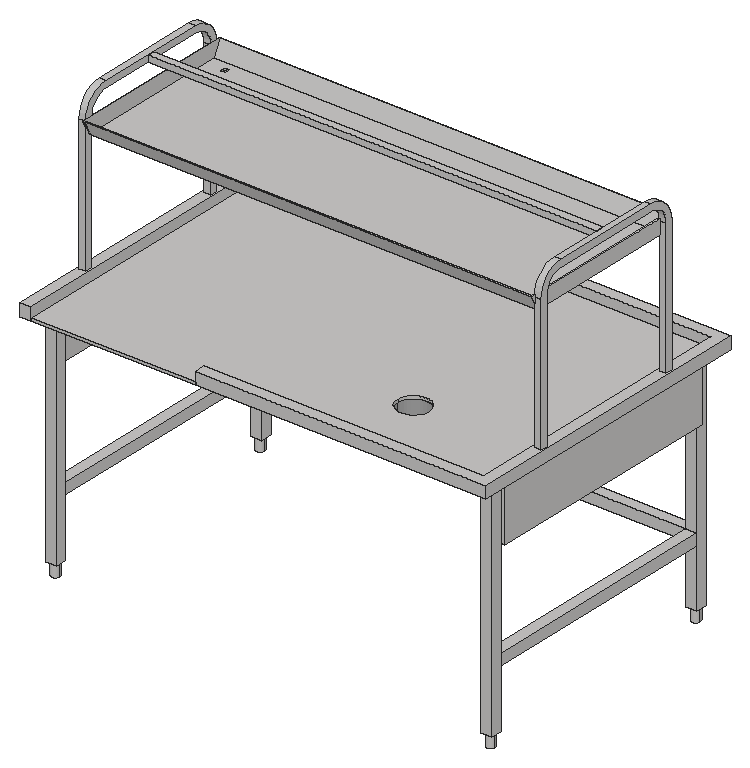
Revit family "QF_ZANUSSI_865342_BHST1711R", category Attrezzature speciali, Revit 2020
Family settings
  Quota connettore circolare = Usa diametro
  Tipo di parte = Normale
  Basato su piano di lavoro = No
  Sempre verticale = Sì
  Taglio con vuoti quando caricato = No
  Condiviso = No
  Punto di calcolo locali = No
Parameters (values of type "Standard")
  Weight = 15.00 kg
  Watts = 0 W
  Volts = 0 V
  URL Manufacturer = "http://www.zanussiprofessional.com"
  URL = "http://www.zanussiprofessional.com"
  Steam Supply Size = 0 mm
  Steam Supply Minimum Pressure = 0.0 Pa
  Steam Supply Maximum Pressure = 0.0 Pa
  Steam Consumption per Hour = 0
  Refrigeration Suction Line Size = 0 mm
  Refrigeration Liquid Line Size = 0 mm
  Refrigerant Compressor Remote = yes
  Prospetto di default = 0 mm
  Produttore = "Zanussi"
  Phase = 0
  Modello = "BHST1711R"
  Length Actual = 1700 mm  # constant formula
  Item Number = "865342"
  Hot Water Size = 0 mm
  Height Actual = 1551 mm  # constant formula
  HP = "0 HP"
  Gas Size = 0 mm
  Gas KW = 0
  Gas Input Pressure = 0 W
  Direct Waste Size = 0 mm
  Description = "SORTING TABLE, RIGHT>LEFT, 1700X1100 MM "
  Depth Actual = 1100 mm  # constant formula
  Cycle = 0 Hz
  Condensate Return Size = 0 mm
  Compressed Air Volume = 0.0 L/s
  Compressed Air Size = 0 mm
  Compressed Air Pressure = 0.0 Pa
  Cold Water Size = 0 mm
  Accessory = yes
Reference planes
  plane 1 "Centro (Fronte/Retro)": y = 0
  plane 2: z = 0
  plane 3 "Centro (Sinistra/Destra)": x = 0
  plane 4: x = 850
  plane 5: z = 1492
  plane 6: x = 20
  plane 7: y = -557.5
  plane 8: x = 56
  plane 9: x = 944
  plane 10: x = 1700
  plane 11: x = 1644
  plane 12: y = -1115
  plane 13: y = -88
  plane 14: y = -1023
Forms (mm)
  Extrusion 1, solid, material "QF_Finishes_Stainless Steel"
    sketch origin (0, 0, 865) x (1, 0, 0) y (0, 1, 0)
      loop
        line (40, -1115) -> (640, -1115) -> (640, -1075) -> (1660, -1075) -> (1660, -40) -> (40, -40) -> (40, -1115)
    from 0 to 10
  Extrusion 2, solid, material "QF_Finishes_Stainless Steel"
    sketch origin (0, 0, 865) x (1, 0, 0) y (0, 1, 0)
      loop
        line (0, 0) -> (0, -1115) -> (40, -1115) -> (40, -40) -> (1660, -40) -> (1660, -1075) -> (640, -1075) -> (640, -1115) -> (1700, -1115) -> (1700, 0) -> (0, 0)
    from 0 to 45
  Extrusion 3, solid, material "QF_Finishes_Stainless Steel"
    sketch origin (36, -178, 0) x (0, 1, 0) y (0, 0, 1)
      loop
        line (70, 299.579) -> (-825, 299.579) -> (-825, 259.579) -> (70, 259.579) -> (70, 299.579)
    from 0 to 40
  Extrusion 4, solid, material "QF_Finishes_Stainless Steel"
    sketch origin (0, -178, -12) x (0, 1, 0) y (0, 0, 1)
      loop
        line (-367.5, 1504) -> (-391.5, 1504) -> (-391.5, 1480) -> (-367.5, 1480) -> (-367.5, 1504)
    from 32 to 1668
  Extrusion 5, void
    sketch origin (32, -178, -6.687) x (0, 1, 0) y (0, 0, 1)
      loop
        line (-56.629, 1444.891) -> (-702.371, 1444.891) -> (-663.034, 1360.532) -> (-95.966, 1360.532) -> (-56.629, 1444.891)
    from 3.287 to 1634
  Extrusion 6, solid, material "QF_Finishes_Stainless Steel"
    sketch origin (32, -178, -12) x (0, 1, 0) y (0, 0, 1)
      loop
        line (-70.92, 1418.976) -> (-688.08, 1418.976) -> (-661.76, 1362.532) -> (-97.24, 1362.532) -> (-70.92, 1418.976)
    from 0 to 1636
  Extrusion 7, void
    sketch origin (0, -178, -12) x (1, 0, 0) y (0, 1, 0)
      loop
        circle (108.268, -136.161) r 12
    from 1301.755 to 1377.519
  Extrusion 8, solid, material "QF_Finishes_Stainless Steel"
    sketch origin (0, -178, -12) x (1, 0, 0) y (0, 1, 0)
      loop
        circle (108.21, -136.146) r 13
    from 1316.037 to 1362.532
  Extrusion 9, void
    sketch origin (0, -178, -12) x (1, 0, 0) y (0, 1, 0)
      loop
        circle (108.268, -136.161) r 10
    from 1301.755 to 1377.519
  Extrusion 10, solid, material "QF_Finishes_Stainless Steel"
    sketch origin (1664, -178, 0) x (0, 1, 0) y (0, 0, -1)
      loop
        line (70, -299.579) -> (70, -259.579) -> (-825, -259.579) -> (-825, -299.579) -> (70, -299.579)
    from 0 to 40
  Extrusion 11, void
    sketch origin (600, -343.125, 0) x (1, 0, 0) y (0, 1, 0)
      loop
        circle (610, -490) r 58
    from 674.596 to 947.421
  Sweep 12, solid, material "QF_Finishes_Stainless Steel"
    path origin (1700, -178, -12) x (0, 1, 0) y (0, 0, -1)
      loop
        line (-95, -922) -> (-95, -1412)
        arc (-95, -1412) -> (-118.431, -1468.569) -> (-175, -1492) r 80
        line (-175, -1492) -> (-584, -1492)
        arc (-584, -1492) -> (-640.569, -1468.569) -> (-664, -1412) r 80
        line (-664, -1412) -> (-664, -922)
    profile origin (1700, -273, 1155) x (0, 1, 0) y (-1, 0, 0)
      loop
        line (12, 8) -> (12, 32) -> (-12, 32) -> (-12, 8) -> (12, 8)
  Extrusion 13, solid, material "QF_Finishes_Stainless Steel"
    sketch origin (1700, -178, 0) x (0, 1, 0) y (0, 0, -1)
      loop
        line (70, -865) -> (70, -660) -> (-825, -660) -> (-825, -865) -> (70, -865)
    from 20 to 36
  Sweep 14, solid, material "QF_Finishes_Stainless Steel"
    path origin (0, -178, -12) x (0, 1, 0) y (0, 0, 1)
      loop
        line (-95, 922) -> (-95, 1412)
        arc (-95, 1412) -> (-118.431, 1468.569) -> (-175, 1492) r 80
        line (-175, 1492) -> (-584, 1492)
        arc (-584, 1492) -> (-640.569, 1468.569) -> (-664, 1412) r 80
        line (-664, 1412) -> (-664, 922)
    profile origin (0, -273, 1155) x (0, -1, 0) y (1, 0, 0)
      loop
        line (-12, 8) -> (12, 8) -> (12, 32) -> (-12, 32) -> (-12, 8)
  Extrusion 15, solid, material "QF_Finishes_Stainless Steel"
    sketch origin (0, -178, 0) x (0, 1, 0) y (0, 0, 1)
      loop
        line (70, 865) -> (-825, 865) -> (-825, 660) -> (70, 660) -> (70, 865)
    from 20 to 36
  Extrusion 16, solid, material "QF_Finishes_Stainless Steel"
    sketch origin (-964, -68, 0) x (1, 0, 0) y (0, 1, 0)
      loop
        line (1000, 0) -> (1000, -40) -> (1040, -40) -> (1040, 0) -> (1000, 0)
    from 45 to 865
  Extrusion 17, solid, material "QF_Finishes_Stainless Steel"
    sketch origin (-964, -68, 0) x (1, 0, 0) y (0, 1, 0)
      loop
        circle (1020, -20) r 15
    from 0 to 45
  Extrusion 18, solid, material "QF_Finishes_Stainless Steel"
    sketch origin (2664, -68, 0) x (-1, 0, 0) y (0, -1, 0)
      loop
        line (1000, 0) -> (1040, 0) -> (1040, 40) -> (1000, 40) -> (1000, 0)
    from 45 to 865
  Extrusion 19, solid, material "QF_Finishes_Stainless Steel"
    sketch origin (2664, -68, 0) x (-1, 0, 0) y (0, -1, 0)
      loop
        circle (1020, 20) r 15
    from 0 to 45
  Extrusion 20, solid, material "QF_Finishes_Stainless Steel"
    sketch origin (-964, -1003, 0) x (1, 0, 0) y (0, 1, 0)
      loop
        line (1000, 0) -> (1000, -40) -> (1040, -40) -> (1040, 0) -> (1000, 0)
    from 45 to 865
  Extrusion 21, solid, material "QF_Finishes_Stainless Steel"
    sketch origin (-964, -1003, 0) x (1, 0, 0) y (0, 1, 0)
      loop
        circle (1020, -20) r 15
    from 0 to 45
  Extrusion 22, solid, material "QF_Finishes_Stainless Steel"
    sketch origin (2664, -1003, 0) x (-1, 0, 0) y (0, -1, 0)
      loop
        line (1000, 0) -> (1040, 0) -> (1040, 40) -> (1000, 40) -> (1000, 0)
    from 45 to 865
  Extrusion 23, solid, material "QF_Finishes_Stainless Steel"
    sketch origin (2664, -1003, 0) x (-1, 0, 0) y (0, -1, 0)
      loop
        circle (1020, 20) r 15
    from 0 to 45
  Extrusion 24, solid, material "QF_Finishes_Stainless Steel"
    sketch origin (0, -28, 0) x (1, 0, 0) y (0, 0, 1)
      loop
        line (76, 259.624) -> (1624, 259.624) -> (1624, 299.579) -> (76, 299.579) -> (76, 259.624)
    from 40 to 80
Cuts and joins
  Extrusion 5, Extrusion 9 cuts Extrusion 6
  Extrusion 7 cuts Extrusion 8
  Extrusion 11 cuts Extrusion 1
Dimensions and locks
  plane 5 to level = 1492 mm  (x2)
  Extrusion 2 to plane 10 = 1700 mm
  plane 10 to plane 3 "Centro (Sinistra/Destra)" = 1700 mm
  plane 11 to plane 8 = 1588 mm
  Extrusion 2 to Extrusion 2 = 1115 mm
  plane 1 "Centro (Fronte/Retro)" to plane 12 = 1115 mm
  Sweep 14 to Sweep 14 = 545 mm
  Extrusion 16 to Extrusion 20 = 895 mm
  plane 13 to plane 14 = 935 mm
  Extrusion 22 to Extrusion 20 = 1548 mm
  Extrusion 24 to Extrusion 24 = 39.955 mm
  aligned and locked: level to plane 2
  aligned and locked: Extrusion 17 to Extrusion 16
  aligned and locked: Extrusion 18 to Extrusion 19
  aligned and locked: Extrusion 21 to Extrusion 20
  aligned and locked: Extrusion 22 to Extrusion 23
Nested families
  nested 1: "FORO_IMMONDIZIE - 200" at (1210, -833, 863.471), type "FORO_IMMONDIZIE - 200"
Definition of nested family "FORO_IMMONDIZIE - 200"
  Parameters (values of type "FORO_IMMONDIZIE - 200")
    Default Elevation = 1219.2 mm
  Reference planes
    plane 1 "Centro (Fronte/Retro)": y = 0
    plane 2: z = 0
    plane 3 "Centro (Sinistra/Destra)": x = 0
    plane 4: z = -110
  Forms (mm)
    Extrusion 1, solid, not visible
      sketch origin (0, 0, 0) x (1, 0, 0) y (0, 1, 0)
        loop
          line (-1219.2, 1219.2) -> (-1219.2, -1219.2) -> (1219.2, -1219.2) -> (1219.2, 1219.2) -> (-1219.2, 1219.2)
      from 0 to -304.8
    Extrusion 2, solid
      sketch origin (0, 0, 0) x (1, 0, 0) y (0, 1, 0)
        loop
          circle (0, 0) r 60
        loop
          circle (0, 0) r 90
      from -110 to 1.529
  Dimensions and locks
    aligned and locked: plane 2 to Extrusion 1
    aligned and locked: level to Extrusion 1
